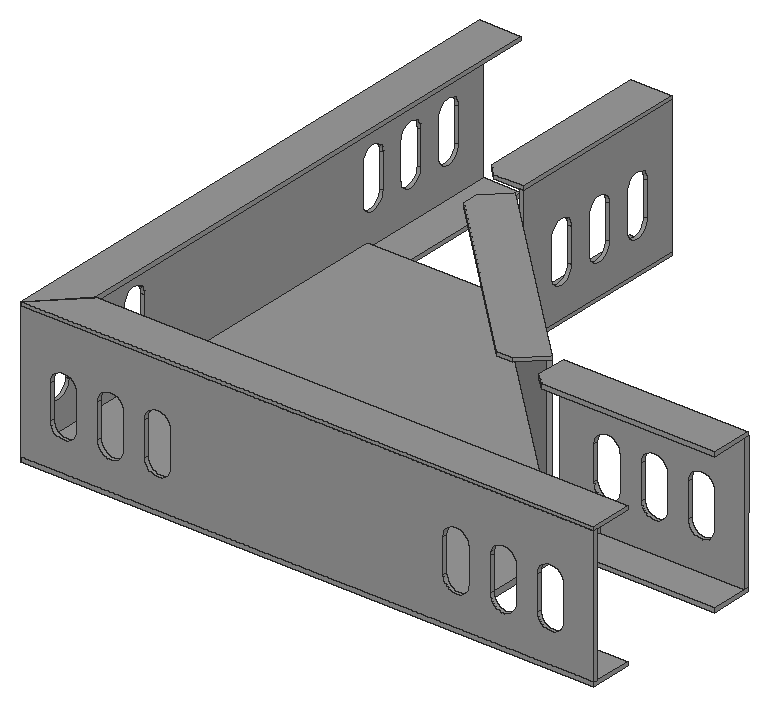
Revit family "90°- Bogen- RB 90 305 FT", category Generic Models, Revit 2017
Family settings
  Can host rebar = No
  Round Connector Dimension = Use Diameter
  Part Type = Normal
  Work Plane-Based = No
  Always vertical = Yes
  Cut with Voids When Loaded = No
  Shared = No
  Room Calculation Point = No
Parameters (values of type "RB 90 305 FT")
  URL = "http://www.obo-bettermann.com"
  Material = Hot-dip galvanised
  Manufacturer Art.No. = "7124410"
  Manufacturer = "OBO BETTERMANN"
  GTIN = "4012196688630"
  Cut's number = 3
  Article Type = "RB 90 305 FT"
Reference planes
  plane 1 "Center (Front/Back)": y = 0
  plane 2: z = 0
  plane 3 "Center (Left/Right)": x = 0
  plane 4: y = 112.5
  plane 5: x = 112.5
  plane 6: z = 1.5
  plane 7: y = 151.03
  plane 8: x = 151.03
  plane 9: z = 36
  plane 10: y = 151.03
  plane 11: x = 38
  plane 12: x = 151.03
  plane 13: z = 16
  plane 14: x = 139.53
  plane 15: z = 16
  plane 16: x = 127.025
  plane 17: z = 16
  plane 18: x = 114.52
  plane 19: z = 16
  plane 20: x = 10.5
  plane 21: z = 15.784
  plane 22: x = 10.5
  plane 23: x = 22.965
  plane 24: x = 35.465
  plane 25: z = 16
  plane 26: x = 35.5
  plane 27: z = 16
  plane 28: y = 139.53
  plane 29: z = 16
  plane 30: y = 127.018
  plane 31: z = 16
  plane 32: y = 114.506
  plane 33: z = 16.989
  plane 34: y = 10.5
  plane 35: z = 16.989
  plane 36: y = 22.961
  plane 37: z = 16.989
  plane 38: y = 35.422
  plane 39: z = 16
  plane 40: x = 139.53
  plane 41: z = 16
  plane 42: x = 127.018
  plane 43: z = 16
  plane 44: x = 114.507
  plane 45: z = 16
  plane 46: y = 139.53
  plane 47: z = 16
  plane 48: y = 126.984
  plane 49: z = 16
  plane 50: y = 114.439
Forms (mm)
  Extrusion 1, solid, material "Hot-dip galvanised" <- "Material"
    sketch origin (0, 0, 0) x (1, 0, 0) y (0, 1, 0)
      loop
        line (0, 112.524) -> (0, 0) -> (112.5, 0) -> (112.5, 49) -> (98.5, 49) -> (49, 98.5) -> (49, 112.524) -> (0, 112.524)
    from 0 to 1.5
  Extrusion 2, solid, material "Hot-dip galvanised" <- "Material"
    sketch origin (0, 0, 0) x (1, 0, 0) y (0, 1, 0)
      loop
        line (0, 151.03) -> (-1, 151.03) -> (-1, -1) -> (151.03, -1) -> (151.03, 0) -> (0, 0) -> (0, 151.03)
    from 0 to 36
  Extrusion 3, solid, material "Hot-dip galvanised" <- "Material"
    sketch origin (0, 0, 0) x (0, 1, 0) y (0, 0, 1)
      loop
        line (-1, 0) -> (-1, -1) -> (10, -1) -> (10, 0) -> (-1, 0)
      loop
        line (-1, 36) -> (10.017, 36) -> (10.017, 37) -> (-1, 37) -> (-1, 36)
    from -1 to 151.03
  Extrusion 4, void
    sketch origin (0, 0, 0) x (1, 0, 0) y (0, 1, 0)
      loop
        line (-1, -1) -> (10.017, 10.017) -> (-1, 10.017) -> (-1, -1)
    from 36 to 37
  Extrusion 5, void
    sketch origin (0, 0, 0) x (1, 0, 0) y (0, 1, 0)
      loop
        line (-1, 10) -> (-1, -1) -> (10, 10) -> (-1, 10)
    from -1 to 0
  Extrusion 6, solid, material "Hot-dip galvanised" <- "Material"
    sketch origin (0, 0, 0) x (1, 0, 0) y (0, 1, 0)
      loop
        line (-1, 151.03) -> (-1, -1) -> (10.057, 10.057) -> (10.057, 151.03) -> (-1, 151.03)
    from 36 to 37
  Extrusion 7, solid, material "Hot-dip galvanised" <- "Material"
    sketch origin (0, 0, 0) x (1, 0, 0) y (0, 1, 0)
      loop
        line (-1, 151.03) -> (-1, -1) -> (10.057, 10.057) -> (10.057, 151.03) -> (-1, 151.03)
    from -1 to 0
  Extrusion 8, solid, material "Hot-dip galvanised" <- "Material"
    sketch origin (0, 0, 0) x (1, 0, 0) y (0, 1, 0)
      loop
        line (38.978, 102.054) -> (49.985, 102.054) -> (49.985, 151.006) -> (38.978, 151.006) -> (38.978, 102.054)
    from -1 to 0
  Extrusion 9, solid, material "Hot-dip galvanised" <- "Material"
    sketch origin (0, 0, 0) x (1, 0, 0) y (0, 1, 0)
      loop
        line (151.03, 50.042) -> (102.03, 50.042) -> (102.03, 39.042) -> (151.03, 39.042) -> (151.03, 50.042)
    from -1 to 0
  Extrusion 10, solid, material "Hot-dip galvanised" <- "Material"
    sketch origin (0, 0, 0) x (0, 1, 0) y (0, 0, 1)
      loop
        line (49, -1) -> (50.042, -1) -> (50.042, 36) -> (49, 36) -> (49, -1)
    from 102.03 to 151.03
  Extrusion 11, solid, material "Hot-dip galvanised" <- "Material"
    sketch origin (0, 0, 0) x (1, 0, 0) y (0, 1, 0)
      loop
        line (49.49, 98.01) -> (98.499, 49.001) -> (99.206, 49.708) -> (50.197, 98.717) -> (49.49, 98.01)
    from 0 to 36
  Extrusion 12, solid, material "Hot-dip galvanised" <- "Material"
    sketch origin (0, 0, 0) x (1, 0, 0) y (0, 1, 0)
      loop
        line (49, 151.03) -> (49, 102.054) -> (50.028, 102.054) -> (50.028, 151.03) -> (49, 151.03)
    from 0 to 36
  Extrusion 13, solid, material "Hot-dip galvanised" <- "Material"
    sketch origin (0, 0, 0) x (1, 0, 0) y (0, 1, 0)
      loop
        line (39.021, 151.03) -> (39.021, 102.054) -> (50.028, 102.054) -> (50.028, 151.03) -> (39.021, 151.03)
    from 36 to 37
  Extrusion 14, solid, material "Hot-dip galvanised" <- "Material"
    sketch origin (0, 0, 0) x (1, 0, 0) y (0, 1, 0)
      loop
        line (50.197, 98.717) -> (42.419, 90.939) -> (91.428, 41.93) -> (99.206, 49.708) -> (50.197, 98.717)
    from 36 to 37
  Extrusion 15, solid, material "Hot-dip galvanised" <- "Material"
    sketch origin (0, 0, 0) x (1, 0, 0) y (0, 1, 0)
      loop
        line (102.03, 50.042) -> (102.03, 39.042) -> (151.03, 39.042) -> (151.03, 50.042) -> (102.03, 50.042)
    from 36 to 37
  Extrusion 16, void
    sketch origin (0, 0, 0) x (1, 0, 0) y (0, 0, 1)
      loop
        arc (136.03, 11.5) -> (139.53, 8) -> (143.03, 11.5) r 3.5
        line (143.03, 11.5) -> (143.03, 20.5)
        arc (143.03, 20.5) -> (139.53, 24) -> (136.03, 20.5) r 3.5
        line (136.03, 20.5) -> (136.03, 11.5)
    from 0 to 1.024
  Extrusion 17, void
    sketch origin (-12.505, 0, 0) x (1, 0, 0) y (0, 0, 1)
      loop
        arc (136.03, 11.5) -> (139.53, 8) -> (143.03, 11.5) r 3.5
        line (143.03, 11.5) -> (143.03, 20.5)
        arc (143.03, 20.5) -> (139.53, 24) -> (136.03, 20.5) r 3.5
        line (136.03, 20.5) -> (136.03, 11.5)
    from 0 to 1.024
  Extrusion 18, void
    sketch origin (-25.01, 0, 0) x (1, 0, 0) y (0, 0, 1)
      loop
        arc (136.03, 11.5) -> (139.53, 8) -> (143.03, 11.5) r 3.5
        line (143.03, 11.5) -> (143.03, 20.5)
        arc (143.03, 20.5) -> (139.53, 24) -> (136.03, 20.5) r 3.5
        line (136.03, 20.5) -> (136.03, 11.5)
    from 0 to 1.024
  Extrusion 19, void
    sketch origin (0, 0, 0) x (1, 0, 0) y (0, 0, 1)
      loop
        arc (7, 11.5) -> (10.5, 8) -> (14, 11.5) r 3.5
        line (14, 11.5) -> (14, 20.5)
        arc (14, 20.5) -> (10.5, 24) -> (7, 20.5) r 3.5
        line (7, 20.5) -> (7, 11.5)
    from 0 to 1
  Extrusion 20, void
    sketch origin (0, 0, 0) x (1, 0, 0) y (0, 0, 1)
      loop
        arc (19.465, 11.284) -> (22.965, 7.784) -> (26.465, 11.284) r 3.5
        line (26.465, 11.284) -> (26.465, 20.284)
        arc (26.465, 20.284) -> (22.965, 23.784) -> (19.465, 20.284) r 3.5
        line (19.465, 20.284) -> (19.465, 11.284)
    from 0 to 1
  Extrusion 21, void
    sketch origin (0, 0, 0) x (1, 0, 0) y (0, 0, 1)
      loop
        arc (32, 11.5) -> (35.5, 8) -> (39, 11.5) r 3.5
        line (39, 11.5) -> (39, 20.5)
        arc (39, 20.5) -> (35.5, 24) -> (32, 20.5) r 3.5
        line (32, 20.5) -> (32, 11.5)
    from 0 to 1
  Extrusion 22, void
    sketch origin (0, 0, 0) x (0, 1, 0) y (0, 0, 1)
      loop
        line (143.03, 11.5) -> (143.03, 20.5)
        arc (143.03, 20.5) -> (139.53, 24) -> (136.03, 20.5) r 3.5
        line (136.03, 20.5) -> (136.03, 11.5)
        arc (136.03, 11.5) -> (139.53, 8) -> (143.03, 11.5) r 3.5
    from -1 to 0
  Extrusion 23, void
    sketch origin (0, -12.512, 0) x (0, 1, 0) y (0, 0, 1)
      loop
        line (143.03, 11.5) -> (143.03, 20.5)
        arc (143.03, 20.5) -> (139.53, 24) -> (136.03, 20.5) r 3.5
        line (136.03, 20.5) -> (136.03, 11.5)
        arc (136.03, 11.5) -> (139.53, 8) -> (143.03, 11.5) r 3.5
    from -1 to 0
  Extrusion 24, void
    sketch origin (0, -25.024, 0) x (0, 1, 0) y (0, 0, 1)
      loop
        line (143.03, 11.5) -> (143.03, 20.5)
        arc (143.03, 20.5) -> (139.53, 24) -> (136.03, 20.5) r 3.5
        line (136.03, 20.5) -> (136.03, 11.5)
        arc (136.03, 11.5) -> (139.53, 8) -> (143.03, 11.5) r 3.5
    from -1 to 0
  Extrusion 25, void
    sketch origin (0, 0, 0) x (0, 1, 0) y (0, 0, 1)
      loop
        line (14, 12.489) -> (14, 21.489)
        arc (14, 21.489) -> (10.5, 24.989) -> (7, 21.489) r 3.5
        line (7, 21.489) -> (7, 12.489)
        arc (7, 12.489) -> (10.5, 8.989) -> (14, 12.489) r 3.5
    from -1 to 0
  Extrusion 26, void
    sketch origin (0, 12.461, 0) x (0, 1, 0) y (0, 0, 1)
      loop
        line (14, 12.489) -> (14, 21.489)
        arc (14, 21.489) -> (10.5, 24.989) -> (7, 21.489) r 3.5
        line (7, 21.489) -> (7, 12.489)
        arc (7, 12.489) -> (10.5, 8.989) -> (14, 12.489) r 3.5
    from -1 to 0
  Extrusion 27, void
    sketch origin (0, 24.922, 0) x (0, 1, 0) y (0, 0, 1)
      loop
        line (14, 12.489) -> (14, 21.489)
        arc (14, 21.489) -> (10.5, 24.989) -> (7, 21.489) r 3.5
        line (7, 21.489) -> (7, 12.489)
        arc (7, 12.489) -> (10.5, 8.989) -> (14, 12.489) r 3.5
    from -1 to 0
  Extrusion 28, void
    sketch origin (0, 0, 0) x (1, 0, 0) y (0, 0, 1)
      loop
        line (143.03, 11.5) -> (143.03, 20.5)
        arc (143.03, 20.5) -> (139.53, 24) -> (136.03, 20.5) r 3.5
        line (136.03, 20.5) -> (136.03, 11.5)
        arc (136.03, 11.5) -> (139.53, 8) -> (143.03, 11.5) r 3.5
    from -49 to -50.042
  Extrusion 29, void
    sketch origin (-12.512, 0, 0) x (1, 0, 0) y (0, 0, 1)
      loop
        line (143.03, 11.5) -> (143.03, 20.5)
        arc (143.03, 20.5) -> (139.53, 24) -> (136.03, 20.5) r 3.5
        line (136.03, 20.5) -> (136.03, 11.5)
        arc (136.03, 11.5) -> (139.53, 8) -> (143.03, 11.5) r 3.5
    from -49 to -50.042
  Extrusion 30, void
    sketch origin (-25.023, 0, 0) x (1, 0, 0) y (0, 0, 1)
      loop
        line (143.03, 11.5) -> (143.03, 20.5)
        arc (143.03, 20.5) -> (139.53, 24) -> (136.03, 20.5) r 3.5
        line (136.03, 20.5) -> (136.03, 11.5)
        arc (136.03, 11.5) -> (139.53, 8) -> (143.03, 11.5) r 3.5
    from -49 to -50.042
  Extrusion 31, solid, material "Hot-dip galvanised" <- "Material"
    sketch origin (0, 0, 0) x (1, 0, 0) y (0, 1, 0)
      loop
        line (50.197, 98.717) -> (42.419, 90.939) -> (91.428, 41.93) -> (99.206, 49.708) -> (50.197, 98.717)
    from 0 to -1
  Extrusion 32, void
    sketch origin (0, 0, 0) x (0, 1, 0) y (0, 0, 1)
      loop
        arc (136.03, 11.5) -> (139.53, 8) -> (143.03, 11.5) r 3.5
        line (143.03, 11.5) -> (143.03, 20.5)
        arc (143.03, 20.5) -> (139.53, 24) -> (136.03, 20.5) r 3.5
        line (136.03, 20.5) -> (136.03, 11.5)
    from 49 to 50.197
  Extrusion 33, void
    sketch origin (0, -12.546, 0) x (0, 1, 0) y (0, 0, 1)
      loop
        arc (136.03, 11.5) -> (139.53, 8) -> (143.03, 11.5) r 3.5
        line (143.03, 11.5) -> (143.03, 20.5)
        arc (143.03, 20.5) -> (139.53, 24) -> (136.03, 20.5) r 3.5
        line (136.03, 20.5) -> (136.03, 11.5)
    from 49 to 50.197
  Extrusion 34, void
    sketch origin (0, -25.091, 0) x (0, 1, 0) y (0, 0, 1)
      loop
        arc (136.03, 11.5) -> (139.53, 8) -> (143.03, 11.5) r 3.5
        line (143.03, 11.5) -> (143.03, 20.5)
        arc (143.03, 20.5) -> (139.53, 24) -> (136.03, 20.5) r 3.5
        line (136.03, 20.5) -> (136.03, 11.5)
    from 49 to 50.197
  Extrusion 35, void
    sketch origin (0, 0, 0) x (1, 0, 0) y (0, 1, 0)
      loop
        line (38.978, 102.054) -> (42.021, 102.054) -> (38.978, 105.097) -> (38.978, 102.054)
    from 35.821 to 37.166
  Extrusion 36, void
    sketch origin (0, 0, 0) x (1, 0, 0) y (0, 1, 0)
      loop
        line (42.419, 90.939) -> (44.55, 88.808) -> (44.55, 93.069) -> (42.419, 90.939)
    from 36 to 37.166
  Extrusion 37, void
    sketch origin (0, 0, 0) x (1, 0, 0) y (0, 1, 0)
      loop
        line (91.428, 41.93) -> (93.531, 44.033) -> (89.325, 44.033) -> (91.428, 41.93)
    from 36 to 37
  Extrusion 38, void
    sketch origin (0, 0, 0) x (1, 0, 0) y (0, 1, 0)
      loop
        line (102.03, 39.042) -> (104.995, 39.042) -> (102.03, 42.007) -> (102.03, 39.042)
    from 36 to 37
Cuts and joins
  Extrusion 4, Extrusion 5, Extrusion 35, Extrusion 36, Extrusion 37, Extrusion 38 cuts Extrusion 1
  Extrusion 4, Extrusion 5, Extrusion 16, Extrusion 17, Extrusion 18, Extrusion 19, Extrusion 20, Extrusion 21, Extrusion 22, Extrusion 23, Extrusion 24, Extrusion 25, Extrusion 26, Extrusion 27 cuts Extrusion 2
  Extrusion 4, Extrusion 5 cuts Extrusion 3
  Extrusion 22, Extrusion 32, Extrusion 33, Extrusion 34 cuts Extrusion 12
  Extrusion 28, Extrusion 29, Extrusion 30 cuts Extrusion 10
  Extrusion 35 cuts Extrusion 8
  Extrusion 35 cuts Extrusion 13
  Extrusion 36, Extrusion 37 cuts Extrusion 14
  Extrusion 36, Extrusion 37 cuts Extrusion 31
  Extrusion 38 cuts Extrusion 9
  Extrusion 38 cuts Extrusion 15
Dimensions and locks
  plane 1 "Center (Front/Back)" to plane 4 = 112.5 mm
  locked: plane 3 "Center (Left/Right)" to plane 5 at 112.5
  locked: Extrusion 1 sketch curve to Extrusion 1 sketch curve at 49  (x2)
  locked: plane 6 to level at 1.5
  locked: plane 1 "Center (Front/Back)" to plane 7 at 151.03
  locked: plane 3 "Center (Left/Right)" to plane 8 at 151.03
  locked: Extrusion 2 sketch curve to Extrusion 1 at 1  (x2)
  locked: Extrusion 2 sketch curve to Extrusion 2 sketch curve at 152.03  (x2)
  locked: plane 9 to level at 36
  locked: Extrusion 3 sketch curve to Extrusion 3 sketch curve at 11
  locked: Extrusion 3 sketch curve to Extrusion 3 sketch curve at 11.017
  locked: Extrusion 2 to Extrusion 3 sketch curve at 1
  locked: Extrusion 3 sketch curve to Extrusion 1 at 1
  locked: cut or joined group 1 (Extrusion 2, Extrusion 4, Extrusion 5, Extrusion 16, Extrusion 17, Extrusion 18, Extrusion 19, Extrusion 20, Extrusion 21, Extrusion 22, Extrusion 23, Extrusion 24, Extrusion 25, Extrusion 26, Extrusion 27) to Extrusion 6 sketch curve at 11.057
  locked: cut or joined group of Extrusion 3, Extrusion 4, Extrusion 5 to Extrusion 6 sketch curve at 152.03
  locked: Extrusion 6 to cut or joined group of Extrusion 3, Extrusion 4, Extrusion 5 at 152.03
  locked: Extrusion 6 to Extrusion 6 at 11.057
  locked: plane 11 to cut or joined group of Extrusion 1, Extrusion 4, Extrusion 5, Extrusion 35, Extrusion 36, Extrusion 37, Extrusion 38 at 11
  locked: Extrusion 8 sketch curve to cut or joined group of Extrusion 1, Extrusion 4, Extrusion 5, Extrusion 35, Extrusion 36, Extrusion 37, Extrusion 38 at 10.47
  locked: Extrusion 10 sketch curve to Extrusion 10 sketch curve at 1.042
  locked: Extrusion 11 sketch curve to cut or joined group of Extrusion 1, Extrusion 4, Extrusion 5, Extrusion 35, Extrusion 36, Extrusion 37, Extrusion 38 at 1
  Extrusion 11 sketch curve to Extrusion 11 sketch curve = 69.308 mm
  locked: Extrusion 12 sketch curve to Extrusion 12 sketch curve at 48.976
  locked: cut or joined group of Extrusion 3, Extrusion 4, Extrusion 5 to Extrusion 8 at 103.054
  locked: Extrusion 13 sketch curve to Extrusion 12 at 11.007
  locked: Extrusion 6 to Extrusion 12 at 51.028
  locked: Extrusion 11 to Extrusion 14 sketch curve at 11
  Extrusion 14 to Extrusion 14 = 11 mm
  locked: Extrusion 14 to Extrusion 14 at 69.308  (x2)
  locked: Extrusion 10 to Extrusion 9 sketch curve at 11
  locked: Extrusion 10 to Extrusion 9 at 11
  locked: Extrusion 9 to Extrusion 9 at 49
  locked: Extrusion 16 sketch curve to Extrusion 16 sketch curve at 7
  locked: plane 14 to Extrusion 16 sketch curve at 3.5
  locked: Extrusion 16 sketch curve to plane 13 at 8
  locked: plane 13 to Extrusion 16 sketch curve at 8
  locked: Extrusion 17 sketch curve to Extrusion 17 sketch curve at 7
  locked: plane 16 to Extrusion 17 sketch curve at 3.5
  locked: Extrusion 17 sketch curve to plane 15 at 8
  locked: plane 15 to Extrusion 17 sketch curve at 8
  equal spacing: group 3, group 2, group 1  (x2)
  equal spacing: group 1, group 2, group 3
  locked: Extrusion 18 sketch curve to Extrusion 18 sketch curve at 7
  locked: plane 18 to Extrusion 18 sketch curve at 3.5
  locked: Extrusion 18 sketch curve to plane 17 at 8
  locked: plane 17 to Extrusion 18 sketch curve at 8
  cut or joined group of Extrusion 3, Extrusion 4, Extrusion 5 to cut or joined group 1 = 12 mm
  plane 19 to cut or joined group of Extrusion 3, Extrusion 4, Extrusion 5 = 16 mm
  cut or joined group 1 to plane 20 = 11.5 mm
  locked: Extrusion 19 sketch curve to Extrusion 19 sketch curve at 7
  locked: plane 20 to Extrusion 19 sketch curve at 3.5
  locked: Extrusion 19 sketch curve to plane 19 at 8
  locked: plane 19 to Extrusion 19 sketch curve at 8
  cut or joined group 1 to Extrusion 19 sketch curve = 8 mm
  locked: plane 21 to cut or joined group of Extrusion 3, Extrusion 4, Extrusion 5 at 15.784
  locked: cut or joined group 1 to plane 22 at 11.5
  locked: plane 23 to plane 22 at 12.465
  locked: plane 24 to plane 23 at 12.5
  locked: Extrusion 20 sketch curve to Extrusion 20 sketch curve at 7
  locked: plane 23 to Extrusion 20 sketch curve at 3.5
  locked: Extrusion 20 sketch curve to plane 21 at 8
  locked: plane 21 to Extrusion 20 sketch curve at 8
  Extrusion 20 sketch curve to cut or joined group of Extrusion 3, Extrusion 4, Extrusion 5 = 8.784 mm
  locked: plane 25 to cut or joined group of Extrusion 3, Extrusion 4, Extrusion 5 at 16
  locked: cut or joined group 1 to plane 26 at 36.5
  locked: Extrusion 21 sketch curve to Extrusion 21 sketch curve at 7
  locked: plane 26 to Extrusion 21 sketch curve at 3.5
  locked: Extrusion 21 sketch curve to plane 25 at 8
  locked: plane 25 to Extrusion 21 sketch curve at 8
  locked: Extrusion 22 sketch curve to Extrusion 22 sketch curve at 7
  locked: plane 28 to Extrusion 22 sketch curve at 3.5
  locked: Extrusion 22 sketch curve to plane 27 at 8
  locked: plane 27 to Extrusion 22 sketch curve at 8
  locked: Extrusion 23 sketch curve to Extrusion 23 sketch curve at 7
  locked: plane 30 to Extrusion 23 sketch curve at 3.5
  locked: Extrusion 23 sketch curve to plane 29 at 8
  locked: plane 29 to Extrusion 23 sketch curve at 8
  equal spacing: group 4, group 5, group 6  (x2)
  equal spacing: group 6, group 5, group 4
  locked: Extrusion 24 sketch curve to Extrusion 24 sketch curve at 7
  locked: plane 32 to Extrusion 24 sketch curve at 3.5
  locked: Extrusion 24 sketch curve to plane 31 at 8
  locked: plane 31 to Extrusion 24 sketch curve at 8
  locked: Extrusion 25 sketch curve to Extrusion 25 sketch curve at 7
  locked: plane 34 to Extrusion 25 sketch curve at 3.5
  locked: Extrusion 25 sketch curve to plane 33 at 8
  locked: plane 33 to Extrusion 25 sketch curve at 8
  locked: Extrusion 26 sketch curve to Extrusion 26 sketch curve at 7
  locked: plane 36 to Extrusion 26 sketch curve at 3.5
  locked: Extrusion 26 sketch curve to plane 35 at 8
  locked: plane 35 to Extrusion 26 sketch curve at 8
  equal spacing: group 7, group 8, group 9  (x3)
  locked: Extrusion 27 sketch curve to Extrusion 27 sketch curve at 7
  locked: plane 38 to Extrusion 27 sketch curve at 3.5
  locked: Extrusion 27 sketch curve to plane 37 at 8
  locked: plane 37 to Extrusion 27 sketch curve at 8
  locked: Extrusion 28 sketch curve to Extrusion 28 sketch curve at 7
  locked: plane 40 to Extrusion 28 sketch curve at 3.5
  locked: plane 39 to Extrusion 28 sketch curve at 8
  locked: Extrusion 28 sketch curve to plane 39 at 8
  locked: Extrusion 29 sketch curve to Extrusion 29 sketch curve at 7
  locked: plane 42 to Extrusion 29 sketch curve at 3.5
  locked: plane 41 to Extrusion 29 sketch curve at 8
  locked: Extrusion 29 sketch curve to plane 41 at 8
  equal spacing: group 12, group 11, group 10
  equal spacing: group 10, group 11, group 12  (x2)
  locked: Extrusion 30 sketch curve to Extrusion 30 sketch curve at 7
  locked: plane 44 to Extrusion 30 sketch curve at 3.5
  locked: plane 43 to Extrusion 30 sketch curve at 8
  locked: Extrusion 30 sketch curve to plane 43 at 8
  locked: Extrusion 14 to Extrusion 14 at 11
  locked: Extrusion 32 sketch curve to Extrusion 32 sketch curve at 7
  locked: plane 46 to Extrusion 32 sketch curve at 3.5
  locked: Extrusion 32 sketch curve to plane 45 at 8
  locked: plane 45 to Extrusion 32 sketch curve at 8
  locked: Extrusion 33 sketch curve to Extrusion 33 sketch curve at 7
  locked: plane 48 to Extrusion 33 sketch curve at 3.5
  locked: Extrusion 33 sketch curve to plane 47 at 8
  locked: plane 47 to Extrusion 33 sketch curve at 8
  equal spacing: group 13, group 14, group 15  (x2)
  equal spacing: group 15, group 14, group 13
  locked: Extrusion 34 sketch curve to Extrusion 34 sketch curve at 7
  locked: plane 50 to Extrusion 34 sketch curve at 3.5
  locked: Extrusion 34 sketch curve to plane 49 at 8
  locked: plane 49 to Extrusion 34 sketch curve at 8
  locked: Extrusion 1 sketch curve to Extrusion 1 sketch curve (angle 135.00°)
  aligned and locked: level to plane 2
  aligned and locked: plane 1 "Center (Front/Back)" to Extrusion 1
  aligned and locked: Extrusion 1 to plane 3 "Center (Left/Right)"
  aligned and locked: plane 6 to Extrusion 1
  aligned and locked: Extrusion 2 to plane 1 "Center (Front/Back)"
  aligned and locked: plane 9 to Extrusion 2
  aligned and locked: level to Extrusion 3
  aligned and locked: Extrusion 3 to Extrusion 2  (x3)
  aligned and locked: Extrusion 2 to Extrusion 3  (x2)
  aligned and locked: Extrusion 2 to Extrusion 4 sketch curve
  aligned and locked: cut or joined group of Extrusion 3, Extrusion 4, Extrusion 5 to Extrusion 4
  aligned and locked: Extrusion 4 to cut or joined group 1
  aligned and locked: Extrusion 5 sketch curve to cut or joined group of Extrusion 3, Extrusion 4, Extrusion 5
  aligned and locked: Extrusion 5 sketch curve to cut or joined group 1
  aligned and locked: cut or joined group of Extrusion 3, Extrusion 4, Extrusion 5 to Extrusion 5
  aligned and locked: Extrusion 5 to Extrusion 1
  aligned and locked: Extrusion 6 to cut or joined group 1  (x3)
  aligned and locked: cut or joined group of Extrusion 3, Extrusion 4, Extrusion 5 to Extrusion 6  (x2)
  aligned and locked: cut or joined group of Extrusion 3, Extrusion 4, Extrusion 5 to Extrusion 7  (x2)
  aligned and locked: Extrusion 7 to cut or joined group of Extrusion 1, Extrusion 4, Extrusion 5, Extrusion 35, Extrusion 36, Extrusion 37, Extrusion 38
  aligned and locked: Extrusion 7 to Extrusion 8
  aligned and locked: Extrusion 8 to cut or joined group of Extrusion 1, Extrusion 4, Extrusion 5, Extrusion 35, Extrusion 36, Extrusion 37, Extrusion 38
  aligned and locked: Extrusion 9 to cut or joined group of Extrusion 1, Extrusion 4, Extrusion 5, Extrusion 35, Extrusion 36, Extrusion 37, Extrusion 38
  aligned and locked: Extrusion 10 sketch curve to plane 9
  aligned and locked: Extrusion 10 sketch curve to Extrusion 7
  aligned and locked: cut or joined group of Extrusion 3, Extrusion 4, Extrusion 5 to Extrusion 10  (x2)
  aligned and locked: plane 9 to Extrusion 10
  aligned and locked: Extrusion 10 to cut or joined group of Extrusion 1, Extrusion 4, Extrusion 5, Extrusion 35, Extrusion 36, Extrusion 37, Extrusion 38
  aligned and locked: cut or joined group of Extrusion 1, Extrusion 4, Extrusion 5, Extrusion 35, Extrusion 36, Extrusion 37, Extrusion 38 to Extrusion 11 sketch curve
  aligned and locked: Extrusion 11 to cut or joined group of Extrusion 1, Extrusion 4, Extrusion 5, Extrusion 35, Extrusion 36, Extrusion 37, Extrusion 38
  aligned and locked: Extrusion 12 to cut or joined group of Extrusion 1, Extrusion 4, Extrusion 5, Extrusion 35, Extrusion 36, Extrusion 37, Extrusion 38
  aligned and locked: Extrusion 12 to cut or joined group 1
  aligned and locked: Extrusion 8 to Extrusion 12
  aligned and locked: cut or joined group 1 to Extrusion 11
  aligned and locked: cut or joined group 1 to Extrusion 12
  aligned and locked: Extrusion 13 sketch curve to Extrusion 8
  aligned and locked: Extrusion 6 to Extrusion 13 sketch curve
  aligned and locked: Extrusion 13 to Extrusion 12
  aligned and locked: Extrusion 13 to cut or joined group 1
  aligned and locked: cut or joined group of Extrusion 3, Extrusion 4, Extrusion 5 to Extrusion 13
  aligned and locked: Extrusion 14 to Extrusion 11  (x2)
  aligned and locked: cut or joined group of Extrusion 3, Extrusion 4, Extrusion 5 to Extrusion 14
  aligned and locked: Extrusion 9 sketch curve to Extrusion 10  (x3)
  aligned and locked: Extrusion 15 to cut or joined group of Extrusion 3, Extrusion 4, Extrusion 5
  aligned and locked: Extrusion 15 to cut or joined group 1
  aligned and locked: Extrusion 16 to plane 1 "Center (Front/Back)"
  aligned and locked: Extrusion 2 to Extrusion 16
  aligned and locked: Extrusion 19 to plane 1 "Center (Front/Back)"
  aligned and locked: Extrusion 2 to Extrusion 19
  aligned and locked: Extrusion 20 to plane 1 "Center (Front/Back)"
  aligned and locked: Extrusion 21 to plane 1 "Center (Front/Back)"
  aligned and locked: Extrusion 2 to Extrusion 21
  aligned and locked: plane 3 "Center (Left/Right)" to Extrusion 22
  aligned and locked: Extrusion 2 to Extrusion 25
  aligned and locked: plane 3 "Center (Left/Right)" to Extrusion 25
  aligned and locked: Extrusion 10 to Extrusion 28  (x2)
  aligned and locked: Extrusion 31 to Extrusion 11  (x2)
  aligned and locked: Extrusion 14 to Extrusion 31
  aligned and locked: cut or joined group of Extrusion 3, Extrusion 4, Extrusion 5 to Extrusion 31
  aligned and locked: Extrusion 31 to cut or joined group of Extrusion 1, Extrusion 4, Extrusion 5, Extrusion 35, Extrusion 36, Extrusion 37, Extrusion 38
  aligned and locked: cut or joined group of Extrusion 1, Extrusion 4, Extrusion 5, Extrusion 35, Extrusion 36, Extrusion 37, Extrusion 38 to Extrusion 32
  aligned and locked: Extrusion 11 to Extrusion 32
  aligned and locked: cut or joined group of Extrusion 12, Extrusion 22, Extrusion 32, Extrusion 33, Extrusion 34 to Extrusion 35
  aligned and locked: Extrusion 36 to Extrusion 35
  aligned and locked: Extrusion 36 to cut or joined group 1
  aligned and locked: Extrusion 37 to cut or joined group 1
  aligned and locked: cut or joined group of Extrusion 3, Extrusion 4, Extrusion 5 to Extrusion 37
  aligned and locked: cut or joined group of Extrusion 3, Extrusion 4, Extrusion 5 to Extrusion 38
  aligned and locked: Extrusion 38 to cut or joined group 1
Automatic sketch dimensions
  plane 1 "Center (Front/Back)" to Extrusion 1 sketch curve = 0 mm
  Extrusion 1 sketch curve to plane 3 "Center (Left/Right)" = 0 mm
  Extrusion 1 sketch curve to plane 5 = 0 mm
  plane 4 to Extrusion 1 sketch curve = 0.024 mm
  Extrusion 1 sketch curve to Extrusion 1 sketch curve = 14 mm
  Extrusion 2 sketch curve to plane 3 "Center (Left/Right)" = 0 mm
  plane 1 "Center (Front/Back)" to Extrusion 2 sketch curve = 0 mm
  Extrusion 3 sketch curve to level = 0 mm
  Extrusion 3 sketch curve to plane 9 = 0 mm
  plane 1 "Center (Front/Back)" to Extrusion 3 sketch curve = 1 mm  (x2)
  plane 3 "Center (Left/Right)" to Extrusion 4 sketch curve = 10.017 mm
  plane 1 "Center (Front/Back)" to Extrusion 4 sketch curve = 1 mm
  Extrusion 4 sketch curve to plane 1 "Center (Front/Back)" = 10.017 mm
  Extrusion 5 sketch curve to plane 1 "Center (Front/Back)" = 10 mm
  Extrusion 6 sketch curve to plane 3 "Center (Left/Right)" = 1 mm
  Extrusion 6 sketch curve to plane 1 "Center (Front/Back)" = 10.057 mm
  plane 1 "Center (Front/Back)" to Extrusion 6 sketch curve = 1 mm
  Extrusion 7 sketch curve to plane 3 "Center (Left/Right)" = 1 mm
  plane 3 "Center (Left/Right)" to Extrusion 7 sketch curve = 10.057 mm
  plane 1 "Center (Front/Back)" to Extrusion 7 sketch curve = 1 mm
  Extrusion 7 sketch curve to plane 1 "Center (Front/Back)" = 10.057 mm
  Extrusion 7 sketch curve to Extrusion 7 sketch curve = 140.973 mm
  plane 11 to Extrusion 8 sketch curve = 0.978 mm
  Extrusion 8 sketch curve to Extrusion 8 sketch curve = 11.007 mm
  Extrusion 8 sketch curve to plane 10 = 0.024 mm
  Extrusion 10 sketch curve to plane 1 "Center (Front/Back)" = 49 mm
  plane 3 "Center (Left/Right)" to Extrusion 11 sketch curve = 49.49 mm
  plane 3 "Center (Left/Right)" to Extrusion 12 sketch curve = 49 mm
  Extrusion 12 sketch curve to Extrusion 12 sketch curve = 1.028 mm
  Extrusion 12 sketch curve to plane 1 "Center (Front/Back)" = 102.054 mm
  Extrusion 13 sketch curve to Extrusion 13 sketch curve = 11.007 mm
  plane 3 "Center (Left/Right)" to Extrusion 14 sketch curve = 42.419 mm
  Extrusion 14 sketch curve to Extrusion 14 sketch curve = 7.778 mm
  Extrusion 14 sketch curve to plane 1 "Center (Front/Back)" = 41.93 mm
  Extrusion 15 sketch curve to plane 1 "Center (Front/Back)" = 50.042 mm
  plane 3 "Center (Left/Right)" to Extrusion 15 sketch curve = 102.03 mm
  Extrusion 15 sketch curve to Extrusion 15 sketch curve = 49 mm
  Extrusion 15 sketch curve to Extrusion 15 sketch curve = 11 mm
  Extrusion 31 sketch curve to plane 1 "Center (Front/Back)" = 41.93 mm
  plane 3 "Center (Left/Right)" to Extrusion 31 sketch curve = 91.428 mm
  Extrusion 31 sketch curve to plane 1 "Center (Front/Back)" = 49.708 mm
  plane 3 "Center (Left/Right)" to Extrusion 31 sketch curve = 50.197 mm
  Extrusion 31 sketch curve to Extrusion 31 sketch curve = 7.778 mm
  plane 3 "Center (Left/Right)" to Extrusion 35 sketch curve = 38.978 mm
  Extrusion 35 sketch curve to plane 1 "Center (Front/Back)" = 105.097 mm
  Extrusion 35 sketch curve to Extrusion 35 sketch curve = 3.043 mm  (x2)
  plane 3 "Center (Left/Right)" to Extrusion 36 sketch curve = 42.419 mm
  Extrusion 36 sketch curve to plane 1 "Center (Front/Back)" = 90.939 mm
  Extrusion 36 sketch curve to Extrusion 36 sketch curve = 2.131 mm  (x2)
  plane 3 "Center (Left/Right)" to Extrusion 37 sketch curve = 93.531 mm
  Extrusion 37 sketch curve to Extrusion 37 sketch curve = 2.103 mm  (x2)
  Extrusion 37 sketch curve to plane 1 "Center (Front/Back)" = 41.93 mm
  plane 3 "Center (Left/Right)" to Extrusion 38 sketch curve = 102.03 mm
  Extrusion 38 sketch curve to Extrusion 38 sketch curve = 2.965 mm  (x2)
  Extrusion 38 sketch curve to plane 1 "Center (Front/Back)" = 39.042 mm
